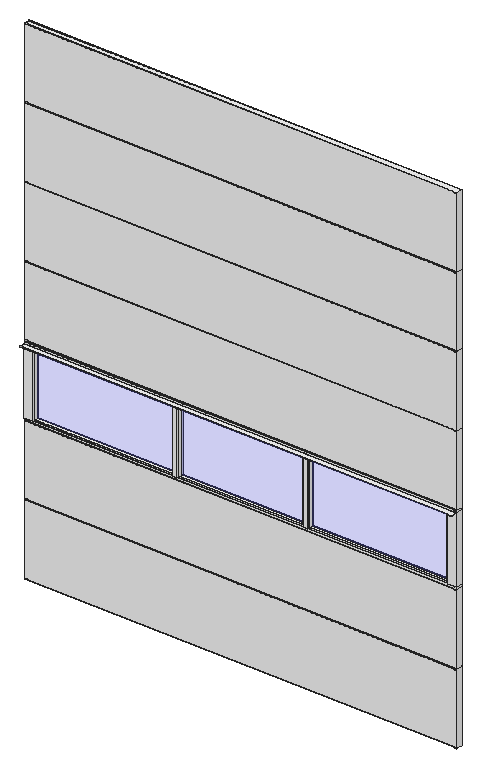
Revit family (continued)
Definition of nested family "Full Vision Section"
  Definition of nested family "902 Int Stile Array"
    Dimensions and locks (in)
      locked: Extrusion 1 sketch curve to Extrusion 1 sketch curve at 1.3125
      locked: Extrusion 1 sketch curve to Extrusion 1 sketch curve at 0.5  (x2)
      locked: Extrusion 1 sketch curve to Extrusion 1 sketch curve at 2.125
      locked: Extrusion 1 sketch curve to Extrusion 1 sketch curve at 0.25
      locked: Extrusion 1 sketch curve to Extrusion 1 sketch curve at 1
      locked: Extrusion 1 sketch curve to Extrusion 1 sketch curve at 0.375  (x4)
      locked: Extrusion 1 sketch curve to Extrusion 1 sketch curve at 0.125  (x3)
      locked: Extrusion 2 sketch curve to Extrusion 2 sketch curve at 1.3125
      locked: Extrusion 2 sketch curve to Extrusion 2 sketch curve at 0.5  (x2)
      locked: Extrusion 2 sketch curve to Extrusion 2 sketch curve at 2.125
      locked: Extrusion 2 sketch curve to Extrusion 2 sketch curve at 0.25
      locked: Extrusion 2 sketch curve to Extrusion 2 sketch curve at 1
      locked: Extrusion 2 sketch curve to Extrusion 2 sketch curve at 0.375  (x4)
      locked: Extrusion 2 sketch curve to Extrusion 2 sketch curve at 0.125  (x3)
      equal spacing: group 4, group 3, group 2, group 1
      equal spacing: group 1, group 2, group 3, group 4  (x2)
      "IntStileCtrCtr": plane 5 to plane 6
      locked: Extrusion 3 sketch curve to Extrusion 3 sketch curve at 1.3125
      locked: Extrusion 3 sketch curve to Extrusion 3 sketch curve at 0.5  (x2)
      locked: Extrusion 3 sketch curve to Extrusion 3 sketch curve at 2.125
      locked: Extrusion 3 sketch curve to Extrusion 3 sketch curve at 0.25
      locked: Extrusion 3 sketch curve to Extrusion 3 sketch curve at 1
      locked: Extrusion 3 sketch curve to Extrusion 3 sketch curve at 0.375  (x4)
      locked: Extrusion 3 sketch curve to Extrusion 3 sketch curve at 0.125  (x3)
      locked: Extrusion 4 sketch curve to Extrusion 4 sketch curve at 1.3125
      locked: Extrusion 4 sketch curve to Extrusion 4 sketch curve at 0.5  (x2)
      locked: Extrusion 4 sketch curve to Extrusion 4 sketch curve at 2.125
      locked: Extrusion 4 sketch curve to Extrusion 4 sketch curve at 0.25
      locked: Extrusion 4 sketch curve to Extrusion 4 sketch curve at 1
      locked: Extrusion 4 sketch curve to Extrusion 4 sketch curve at 0.375  (x4)
      locked: Extrusion 4 sketch curve to Extrusion 4 sketch curve at 0.125  (x3)
      aligned and locked: plane 2 to level
      aligned and locked: Extrusion 1 sketch curve to Extrusion 1 sketch curve  (x8)
      aligned and locked: Extrusion 2 sketch curve to Extrusion 2 sketch curve  (x8)
      aligned and locked: plane 5 to Extrusion 1
      aligned and locked: plane 6 to Extrusion 2
      aligned and locked: Extrusion 3 sketch curve to Extrusion 3 sketch curve  (x8)
      aligned and locked: Extrusion 4 sketch curve to Extrusion 4 sketch curve  (x8)
    Automatic sketch dimensions
      Extrusion 1 sketch curve to Extrusion 1 sketch curve = 0' - 0.23749"
      Extrusion 2 sketch curve to Extrusion 2 sketch curve = 0' - 0.23749"
      Extrusion 3 sketch curve to Extrusion 3 sketch curve = 0' - 0.23749"
      Extrusion 4 sketch curve to Extrusion 4 sketch curve = 0' - 0.23749"
